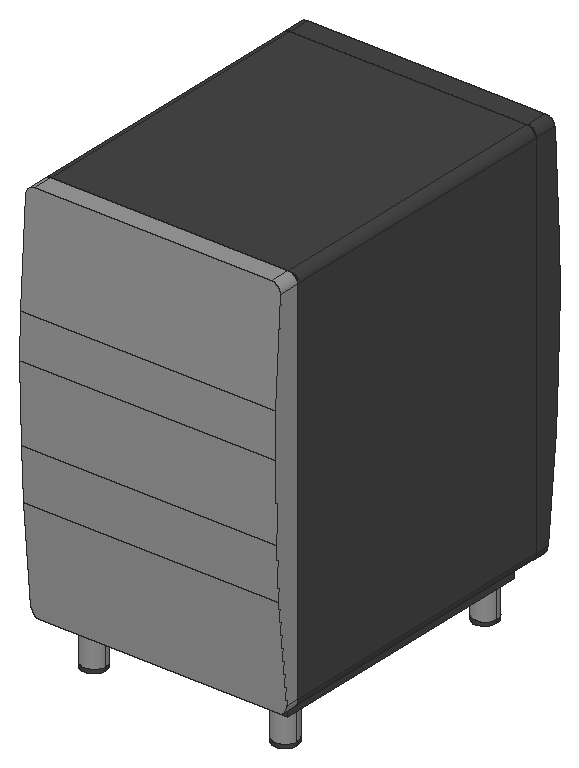
Revit family "Franke_Refrigeration_side_unit_SU12_CM-A1000_FM_CM(JP)", category Specialty Equipment, Revit 2015
Parameters (values of type "Refrigeration side unit SU12 CM-A1000 FM CM(100V/anthracite/JP)")
  Volts max. = 0 V
  URL = "https://www.franke.com/main/en/cs/products/product-search.html"
  Depth (mm) = 475 mm
  Temperature range = "+ 3° C to +8° C"
  Volts min. = 100 V
  Max Overcurrent Protection = "-"
  Cycle Alternative = 60 Hz
  Cycle = 50 Hz
  Model = "410874 - Refrigeration side unit SU12 CM - A1000 FM CM"
  Milk storage = "12 l"
  Current consumption = "1.70 A"
  Cost = 0
  Height (mm) = 586 mm
  Manufacturer = "Franke"
  Energy loss acc. to DIN 18873 = "0.783 kWh/24 h - 230 V"
  Width (mm) = 340 mm
  Description = "Refrigeration side unit SU12 for storage of cooled milk"
  Assembly Code = "Refrigeration side unit SU12"
  Keynote = "Refrigeration side unit SU12"
  Weight = "26 kg"
  Number of Poles = 1
  Number of Protective Conductors = "1"
  Number of Nutral Conductors = "1"
  Frontcover [instance] = Franke Anthracite
Types (3, lengths in mm): name | Frontcover
  (no name) | Franke Anthracite
  Refrigeration side unit SU12 CM-A1000 FM CM(100V/black line/JP) | Franke Black
  Refrigeration side unit SU12 CM-A1000 FM CM(100V/anthracite/JP) | Franke Anthracite
Reference planes
  plane 1 "Mitte (Vorne/Hinten)": y = 0
  plane 2: z = 0
  plane 3 "Mitte (Links/Rechts)": x = 0
Forms (mm)
  Extrusion 1, solid, material "Franke Black"
    sketch origin (0, 0, 0) x (1, 0, 0) y (0, 0, 1)
      loop
        arc (-170, 78) -> (-166.485, 69.515) -> (-158, 66) r 12
        line (-158, 66) -> (158, 66)
        arc (158, 66) -> (166.485, 69.515) -> (170, 78) r 12
        line (170, 78) -> (170, 574)
        arc (170, 574) -> (166.485, 582.485) -> (158, 586) r 12
        line (158, 586) -> (-158, 586)
        arc (-158, 586) -> (-166.485, 582.485) -> (-170, 574) r 12
        line (-170, 574) -> (-170, 78)
    from -198.03 to 198.03
  Extrusion 2, solid, material "Franke Black"
    sketch origin (0, 0, 0) x (0, 1, 0) y (0, 0, 1)
      loop
        line (186.97, 66) -> (-188.03, 66) -> (-188.03, 46) -> (186.97, 46) -> (186.97, 66)
    from -149 to 149
  Extrusion 3, solid, material "Franke Black"
    sketch origin (0, 0, 0) x (1, 0, 0) y (0, 1, 0)
      loop
        line (-139, 119.911) -> (-139, 96.511) -> (-120.3, 96.511) -> (-120.3, 119.911) -> (-139, 119.911)
      loop
        line (120.3, 119.911) -> (120.3, 96.511) -> (139, 96.511) -> (139, 119.911) -> (120.3, 119.911)
      loop
        line (120.3, -95.689) -> (120.3, -119.089) -> (139, -119.089) -> (139, -95.689) -> (120.3, -95.689)
      loop
        line (-139, -95.689) -> (-139, -119.089) -> (-120.3, -119.089) -> (-120.3, -95.689) -> (-139, -95.689)
    from 42 to 46
  Extrusion 4, solid, material "Franke Chrome"
    sketch origin (0, 0, 0) x (1, 0, 0) y (0, 1, 0)
      loop
        circle (-127.5, 166.47) r 16
      loop
        circle (-127.5, -166.13) r 16
      loop
        circle (127.5, 166.47) r 16
      loop
        circle (127.5, -166.13) r 16
    from 5 to 46
  Extrusion 5, solid, material "Franke Black"
    sketch origin (0, 0, -41) x (1, 0, 0) y (0, 1, 0)
      loop
        circle (-127.5, 166.47) r 16
      loop
        circle (-127.5, -166.13) r 16
      loop
        circle (127.5, 166.47) r 16
      loop
        circle (127.5, -166.13) r 16
    from 41 to 46
  Extrusion 6, solid, material "Franke Anthracite" <- "Frontcover"
    sketch origin (0, 0, 0) x (0, 1, 0) y (0, 0, 1)
      loop
        line (-199.53, 586) -> (-226.03, 586)
        arc (-226.03, 586) -> (-230.938, 512.688) -> (-234.804, 439.314) r 5166.525
        arc (-234.804, 439.314) -> (-235.718, 409.388) -> (-235.736, 379.448) r 1000
        arc (-235.736, 379.448) -> (-234.928, 328.403) -> (-233.97, 277.36) r 17389.365
        arc (-233.97, 277.36) -> (-232.66, 242.583) -> (-230.141, 207.872) r 1000
        arc (-230.141, 207.872) -> (-223.415, 136.903) -> (-216.03, 66) r 7668.804
        line (-216.03, 66) -> (-199.53, 66) -> (-199.53, 586)
    from -170 to 170
  Extrusion 7, solid, material "Franke Black"
    sketch origin (0, 0, 0) x (0, 1, 0) y (0, 0, 1)
      loop
        line (228.03, 586) -> (199.53, 586) -> (199.53, 66) -> (216.03, 66)
        arc (216.03, 66) -> (223.625, 137.651) -> (230.787, 209.347) r 11934.303
        arc (230.787, 209.347) -> (233.53, 243.904) -> (235.074, 278.535) r 1000
        arc (235.074, 278.535) -> (236.278, 326.896) -> (237.256, 375.262) r 10374.963
        arc (237.256, 375.262) -> (237.334, 405.934) -> (236.472, 436.595) r 1000
        arc (236.472, 436.595) -> (232.736, 511.325) -> (228.03, 586) r 5764.394
    from -170 to 170
  Extrusion 8, solid, material "Franke Black"
    sketch origin (0, 0, 0) x (1, 0, 0) y (0, 0, 1)
      loop
        line (-120, 576) -> (-120, 66) -> (120, 66) -> (120, 576) -> (-120, 576)
    from 198.03 to 199.53
  Extrusion 9, solid, material "Franke Black"
    sketch origin (0, 397.56, 0) x (1, 0, 0) y (0, 0, 1)
      loop
        line (-120, 576) -> (-120, 66) -> (120, 66) -> (120, 576) -> (-120, 576)
    from 198.03 to 199.53
  Extrusion 10, void
    sketch origin (0, 0, 0) x (1, 0, 0) y (0, 0, 1)
      loop
        line (-158, 586) -> (-158, 596) -> (-180, 596) -> (-180, 574) -> (-170, 574)
        arc (-170, 574) -> (-166.485, 582.485) -> (-158, 586) r 12
      loop
        arc (158, 586) -> (166.485, 582.485) -> (170, 574) r 12
        line (170, 574) -> (180, 574) -> (180, 596) -> (158, 596) -> (158, 586)
      loop
        arc (-158, 66) -> (-166.485, 69.515) -> (-170, 78) r 12
        line (-170, 78) -> (-180, 78) -> (-180, 56) -> (-158, 56) -> (-158, 66)
      loop
        line (158, 66) -> (158, 56) -> (180, 56) -> (180, 78) -> (170, 78)
        arc (170, 78) -> (166.485, 69.515) -> (158, 66) r 12
    from -296.752 to 350.669
  Extrusion 11, void
    sketch origin (0, 0, 0) x (1, 0, 0) y (0, 1, 0)
      loop
        circle (-2, 69.416) r 50
    from 0 to 56
  Extrusion 12, solid, material "Franke Chrome"
    sketch origin (0, 0, 0) x (1, 0, 0) y (0, 1, 0)
      loop
        circle (0, 95.015) r 2.5
    from 46 to 56
Cuts and joins
  Extrusion 11 cuts Extrusion 2
  Extrusion 10 cuts Extrusion 6
  Extrusion 10 cuts Extrusion 7
Dimensions and locks
  aligned and locked: level to plane 2
Connectors
  electrical at (0, 95.015, 46), driven by "Volts min.", driven by "Number of Poles"
    settings: on Extrusion 12, index 1, voltage 100 V, apparent load 0 VA, apparent load phase1 0 VA, apparent load phase2 0 VA, apparent load phase3 0 VA, power factor 1, load classification "Strom", number of poles 1, system type 31, power factor state 1, is connector primary yes, connector utility no, sub classification motor no, connector description ""
